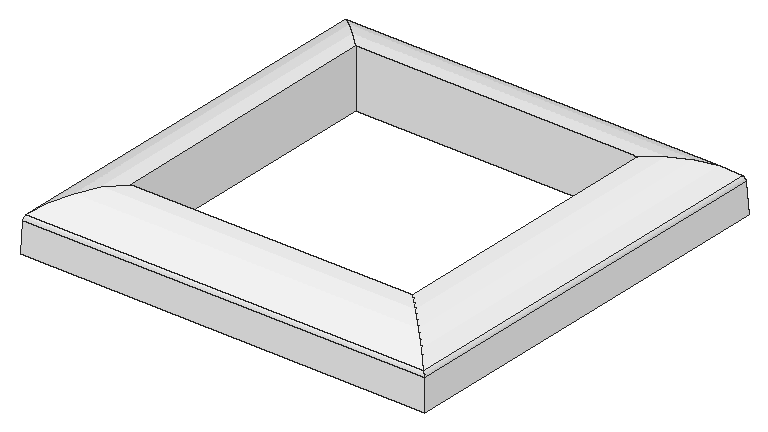
Revit family "Gira_021101", category Electrical Fixtures, host Face, Revit 2017
Family settings
  Host = Face
  Maintain Annotation Orientation = No
  Round Connector Dimension = Use Diameter
  Part Type = Normal
  Cut with Voids When Loaded = No
  Shared = No
  Room Calculation Point = No
Parameters (values of type "Cov.fr. 1-g Standard 55 cr.white")
  With mounting grid = "No"
  With hinged lid = "No"
  URL = "http://katalog.gira.de/en/datenblatt.html?artikelnr=021101"
  Type of fastening = "Clamp mounting"
  Transparent = "No"
  Surface protection = "Other"
  Surface finishing = "Glossy"
  Suitable for wall duct = "No"
  Suitable for flush-mounted installation = "Yes"
  Suitable for floor box = "No"
  Suitable for built-in installation = "No"
  RAL-number (akin) = "1013"
  Number of units vertical = "1"
  Number of units horizontal = "1"
  Number of units = "1"
  Name = "Cov.fr. 1-g Standard 55 cr.white"
  Mounting direction = "Horizontal and vertical"
  Material quality = "Thermoplastic"
  Material = "Plastic"
  Manufacturer URL = "https://www.gira.de/"
  Manufacturer = "Gira"
  Label space/information surface = "No"
  Keynote = ""
  HeinzeBIM = "https://bimportal.heinze.de/bim/cov-fr-1-g-standard-55-cr-white/ae75c52eef9f0b6098adea8739f1ce0e9424f40c"
  Halogen free = "Yes"
  HAN = "021101"
  GTIN = "4010337211013"
  Description = "Cov.fr.1g Std55 CW,Gira Standard 55 cover frame,cream white glossy,1-gang,Features:,- Shatter-proof.,,Notes :,- Also suitable for duct installation.,- In connection with the seal kit, frame (1-gang to 5-gang) is also suitable for installation as water-protected flush-mounted IP44."
  Degree of protection (IP) = "IP20"
  Default Elevation = 1219.2 mm
  Data sheet (1) = "https://katalog.gira.de/en/download.html?artikelnr=021101"
  Colour = "Cream white (electro white)"
  Category = "Cover frame for domestic switching devices"
  BIM (1) = "https://media.stage.bim.site/public/gira/36a6b08/Std55_Rahmen_1fach.rfa"
  Available = "No"
Reference planes
  plane 1 "Center (Front/Back)": y = 0
  plane 2: z = 0
  plane 3 "Center (Left/Right)": x = 0
  plane 4: y = -40.3
  plane 5: y = 40.3
  plane 6: x = 40.3
  plane 7: x = -40.3
Forms (mm)
  Sweep 1, solid, material "White", detail levels fine
    path origin (0, 0, 0) x (1, 0, 0) y (0, 1, 0)
      loop
        line (40.3, 40.3) -> (-40.3, 40.3) -> (-40.3, -40.3) -> (40.3, -40.3) -> (40.3, 40.3)
    profile origin (0, 40.3, 0) x (0, -1, 0) y (0, 0, 1)
      loop
        arc (12.22, 11.373) -> (5.983, 10.294) -> (0.641, 6.901) r 16.145
        arc (0.641, 6.901) -> (0.395, 6.426) -> (0.309, 5.898) r 1.694
        line (0.309, 5.898) -> (0, 0) -> (12.319, 0) -> (12.22, 11.373)
  Extrusion 2, solid, material "White", detail levels coarse+medium
    sketch origin (0, 0, 0) x (1, 0, 0) y (0, 1, 0)
      loop
        line (40.3, 40.3) -> (-40.3, 40.3) -> (-40.3, -40.3) -> (40.3, -40.3) -> (40.3, 40.3)
    from 0 to 11.373
Dimensions and locks
  aligned and locked: plane 2 to host face
  aligned and locked: level to host face
